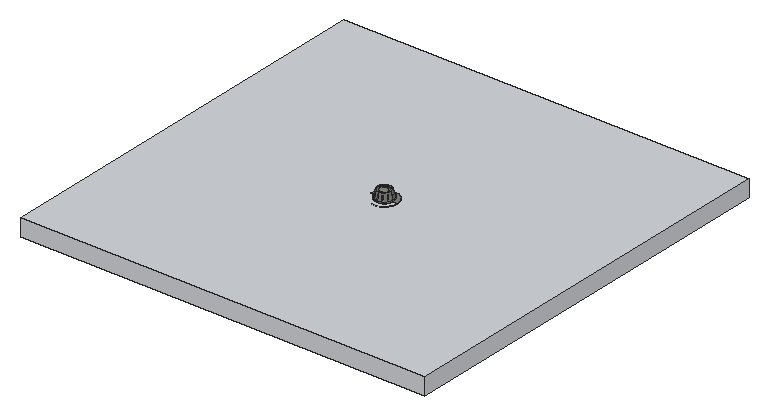
Revit family
Parameters (values of type "4"")
  URL = "WWW.MIFAB.COM"
  Strainer Adjustment = 0.37788"
  Squre = 9.000"
  Roof Drain = Roof Drain
  R1 = 4.000"
  Pipe Radius = 2.000"
  Pipe Diameter = Pipe Radius * 2  # 4.000"
  Model = "R-1400"
  Manufacturer = "MIFAB"
  H3 = Body Height / 3.375  # 0.96296"
  H2 = Body Height / 1.99  # 1.63317"
  H1 = Body Height / 1.53  # 2.12418"
  Description = "BALCONY DRAIN WITH BOTTOM OUTLET"
  Default Elevation = 48.000"
  Body Height = 3.250"
Types (4): name | Strainer Adjustment | Pipe Radius | Pipe Diameter
  (no name) | 0.37788" | 2.000" | 4.000"
  4" | 0.37788" | 2.000" | 4.000"
  3" | 1.000" | 1.500" | 3.000"
  2" | 0.37788" | 1.000" | 2.000"
Reference planes (in)
  plane 1 "Center (Front/Back)": y = 0
  plane 2: z = 0
  plane 3 "Center (Left/Right)": x = 0
  plane 4: x = 2.2
  plane 5: x = 2
  plane 6: z = -3.25
  plane 7: z = -2.12418
  plane 8: z = -1.63317
  plane 9: z = -0.575
  plane 10: z = 0.2085
  plane 11: z = -0.96296
  plane 12: x = 3.05538
  plane 13: x = 2.36174
  plane 14: z = 0.37788
  plane 15: z = 2
  plane 16: y = 4.5
  plane 17: y = -4.5
  plane 18: z = 0.07374
  plane 19: z = 2.5
  plane 20: x = 3.125
  plane 21: x = -3.125
  plane 22: z = -1.5
  plane 23: z = 1.78125
  plane 24: z = 0.4625
Forms (in)
  Extrusion 1, solid
    sketch origin (0, 0, 0) x (1, 0, 0) y (0, 1, 0)
      loop
        line (-48, 48) -> (-48, -48) -> (48, -48) -> (48, 48) -> (-48, 48)
    from 0 to -4
  Revolve 2, solid, material "Roof Drain" <- "Roof Drain"
    sketch origin (0, 0, 0) x (1, 0, 0) y (0, 0, 1)
      loop
        line (2.35625, -3.25) -> (2.35625, -0.575) -> (3.125, -0.575) -> (3.125, 0) -> (2.15625, 0) -> (2.15625, -2.66001) -> (2, -2.66001) -> (2, -3.25) -> (2.35625, -3.25)
      axis (0, 0) -> (0, -3.25)
    angle from 0 to 360
  Revolve 3, solid, material "Roof Drain" <- "Roof Drain"
    sketch origin (0, 0, 0) x (1, 0, 0) y (0, 0, 1)
      loop
        line (1.92862, 0.20885) -> (2.2, 0.20885) -> (2.2, 0.37788) -> (1.91377, 0.37788) -> (1.65587, 1.99285) -> (1.00376, 1.99285) -> (0.49976, 2.5) -> (0, 2.5) -> (0, 2.4) -> (0.45816, 2.4) -> (0.95505, 1.9) -> (1.54917, 1.9) -> (1.81794, 0.21704) -> (1.81794, -1.5) -> (1.92862, -1.5) -> (1.92862, 0.20885)
      axis (0, -1.5) -> (0, 2.5)
    angle from 0 to 360
  Extrusion 4, void
    sketch origin (0, 0.03234, 0) x (-1, 0, 0) y (0, 0, 1)
      loop
        arc (-0.05625, 1.78125) -> (-0.12696, 1.75196) -> (-0.15625, 1.68125) r 0.1
        line (-0.15625, 1.68125) -> (-0.15625, 0.4625) -> (0.15625, 0.4625) -> (0.15625, 1.68125)
        arc (0.15625, 1.68125) -> (0.12696, 1.75196) -> (0.05625, 1.78125) r 0.1
        line (0.05625, 1.78125) -> (-0.05625, 1.78125)
    from -2.8101 to 2.71766
  Extrusion 5, void
    sketch origin (-0.01617, 0.02801, 0) x (-0.866025, -0.5, 0) y (0, 0, 1)
      loop
        arc (-0.05625, 1.78125) -> (-0.12696, 1.75196) -> (-0.15625, 1.68125) r 0.1
        line (-0.15625, 1.68125) -> (-0.15625, 0.4625) -> (0.15625, 0.4625) -> (0.15625, 1.68125)
        arc (0.15625, 1.68125) -> (0.12696, 1.75196) -> (0.05625, 1.78125) r 0.1
        line (0.05625, 1.78125) -> (-0.05625, 1.78125)
    from -2.8101 to 2.71766
  Extrusion 6, void
    sketch origin (-0.02801, 0.01617, 0) x (-0.5, -0.866025, 0) y (0, 0, 1)
      loop
        arc (-0.05625, 1.78125) -> (-0.12696, 1.75196) -> (-0.15625, 1.68125) r 0.1
        line (-0.15625, 1.68125) -> (-0.15625, 0.4625) -> (0.15625, 0.4625) -> (0.15625, 1.68125)
        arc (0.15625, 1.68125) -> (0.12696, 1.75196) -> (0.05625, 1.78125) r 0.1
        line (0.05625, 1.78125) -> (-0.05625, 1.78125)
    from -2.8101 to 2.71766
  Extrusion 7, void
    sketch origin (-0.03234, 0, 0) x (0, -1, 0) y (0, 0, 1)
      loop
        arc (-0.05625, 1.78125) -> (-0.12696, 1.75196) -> (-0.15625, 1.68125) r 0.1
        line (-0.15625, 1.68125) -> (-0.15625, 0.4625) -> (0.15625, 0.4625) -> (0.15625, 1.68125)
        arc (0.15625, 1.68125) -> (0.12696, 1.75196) -> (0.05625, 1.78125) r 0.1
        line (0.05625, 1.78125) -> (-0.05625, 1.78125)
    from -2.8101 to 2.71766
  Extrusion 8, void
    sketch origin (-0.02801, -0.01617, 0) x (0.5, -0.866025, 0) y (0, 0, 1)
      loop
        arc (-0.05625, 1.78125) -> (-0.12696, 1.75196) -> (-0.15625, 1.68125) r 0.1
        line (-0.15625, 1.68125) -> (-0.15625, 0.4625) -> (0.15625, 0.4625) -> (0.15625, 1.68125)
        arc (0.15625, 1.68125) -> (0.12696, 1.75196) -> (0.05625, 1.78125) r 0.1
        line (0.05625, 1.78125) -> (-0.05625, 1.78125)
    from -2.8101 to 2.71766
  Extrusion 9, void
    sketch origin (-0.01617, -0.02801, 0) x (0.866025, -0.5, 0) y (0, 0, 1)
      loop
        arc (-0.05625, 1.78125) -> (-0.12696, 1.75196) -> (-0.15625, 1.68125) r 0.1
        line (-0.15625, 1.68125) -> (-0.15625, 0.4625) -> (0.15625, 0.4625) -> (0.15625, 1.68125)
        arc (0.15625, 1.68125) -> (0.12696, 1.75196) -> (0.05625, 1.78125) r 0.1
        line (0.05625, 1.78125) -> (-0.05625, 1.78125)
    from -2.8101 to 2.71766
Cuts and joins
  Extrusion 4, Extrusion 5, Extrusion 6, Extrusion 7, Extrusion 8, Extrusion 9 cuts Revolve 3
Dimensions and locks (in)
  "Pipe Radius": plane 5 to plane 3 "Center (Left/Right)"
  plane 4 to plane 5 = 0.200"
  "Body Height": level to plane 6
  "H3": level to plane 11
  "H2": Extrusion 1 to plane 8
  "H1": level to plane 7
  locked: Revolve 3 sketch curve to Revolve 3 sketch curve at 0.12
  locked: Revolve 3 sketch curve to Revolve 3 sketch curve at 0.1  (x2)
  locked: plane 15 to Revolve 3 sketch curve at 0.1
  equal spacing: plane 16, plane 1 "Center (Front/Back)", plane 17
  locked: plane 18 to plane 2 at 0.07374
  "Squre": plane 16 to plane 17
  Revolve 3 sketch curve to Revolve 3 sketch curve to Revolve 3 sketch curve to Revolve 3 sketch curve to plane 3 "Center (Left/Right)" = 0.10669" locked, 0.59412" locked, 0.49689" locked, 0.45816" locked
  locked: plane 14 to plane 10 at 0.16938
  Revolve 3 sketch curve to Revolve 3 sketch curve to Revolve 3 sketch curve to plane 3 "Center (Left/Right)" = 0.27138" locked, 0.11068" locked, 1.81794" locked
  Revolve 2 sketch curve to Revolve 2 sketch curve to plane 3 "Center (Left/Right)" = 0.200" locked, 2.15625" locked
  equal spacing: plane 20, plane 3 "Center (Left/Right)", plane 21
  plane 20 to plane 21 = 6.250"
  locked: level to plane 22 at 1.5
  "Strainer Adjustment": plane 14 to level
  plane 19 to plane 15 to plane 23 to plane 24 to plane 14 = 0.500" locked, 0.21875" locked, 1.31875" locked, 0.08462" locked
  locked: Revolve 2 sketch curve to plane 6 at 0.58999
  locked: level to plane 9 at 0.575
  aligned and locked: plane 2 to Extrusion 1
  aligned and locked: level to Extrusion 1
  aligned and locked: Revolve 2 sketch curve to plane 6
  aligned and locked: Revolve 2 sketch curve to plane 9
  aligned and locked: Revolve 2 sketch curve to plane 3 "Center (Left/Right)"
  aligned and locked: plane 5 to Revolve 2 sketch curve
  aligned and locked: plane 3 "Center (Left/Right)" to Revolve 3 sketch curve
  aligned and locked: Revolve 3 sketch curve to plane 3 "Center (Left/Right)"
  aligned and locked: Revolve 3 sketch curve to plane 19
  aligned and locked: level to Revolve 2 sketch curve
  aligned and locked: Revolve 3 sketch curve to plane 14
  aligned and locked: plane 20 to Revolve 2 sketch curve
  aligned and locked: plane 22 to Revolve 3 sketch curve
Automatic sketch dimensions
  Extrusion 1 sketch curve to Extrusion 1 sketch curve = 96.000"  (x2)
  Revolve 3 sketch curve to plane 15 = 0.00715"
  Revolve 3 sketch curve to Revolve 3 sketch curve = 1.000"
  Revolve 3 sketch curve to plane 10 = 0.00035"
  plane 6 to Revolve 2 sketch curve = 5.000"
  Revolve 2 sketch curve to Revolve 2 sketch curve = 11.000"
  plane 19 to Revolve 3 sketch curve = 6.750"
  Extrusion 4 sketch curve to Extrusion 4 sketch curve = 0.100"  (x2)
  Extrusion 4 sketch curve to Extrusion 4 sketch curve = 0.1125"
  Extrusion 4 sketch curve to Extrusion 4 sketch curve = 1.21875"
  Extrusion 4 sketch curve to plane 24 = 0.000"
  plane 3 "Center (Left/Right)" to Extrusion 4 sketch curve = 0.15625"
  Extrusion 5 sketch curve to Extrusion 5 sketch curve = 0.100"  (x2)
  Extrusion 5 sketch curve to Extrusion 5 sketch curve = 0.1125"
  Extrusion 5 sketch curve to Extrusion 5 sketch curve = 1.21875"
  Extrusion 5 sketch curve to plane 24 = 0.000"
  plane 24 to Extrusion 6 sketch curve = 0.000"
  plane 23 to Extrusion 6 sketch curve = 0.000"
  Extrusion 6 sketch curve to Extrusion 6 sketch curve = 0.100"
  Extrusion 6 sketch curve to Extrusion 6 sketch curve = 0.1125"
  Extrusion 6 sketch curve to plane 23 = 0.100"
  Extrusion 7 sketch curve to plane 24 = 0.000"
  Extrusion 7 sketch curve to plane 23 = 0.000"
  Extrusion 7 sketch curve to plane 1 "Center (Front/Back)" = 0.15625"
  Extrusion 7 sketch curve to plane 1 "Center (Front/Back)" = 0.05625"
  plane 1 "Center (Front/Back)" to Extrusion 7 sketch curve = 0.05625"
  Extrusion 7 sketch curve to plane 23 = 0.100"
  Extrusion 8 sketch curve to plane 24 = 0.000"
  Extrusion 8 sketch curve to plane 23 = 0.000"
  Extrusion 8 sketch curve to plane 23 = 0.100"
  Extrusion 8 sketch curve to Extrusion 8 sketch curve = 0.100"
  Extrusion 8 sketch curve to Extrusion 8 sketch curve = 0.1125"
  Extrusion 9 sketch curve to plane 24 = 0.000"
  Extrusion 9 sketch curve to plane 23 = 0.000"
  Extrusion 9 sketch curve to Extrusion 9 sketch curve = 0.100"
  Extrusion 9 sketch curve to Extrusion 9 sketch curve = 0.1125"
  Extrusion 9 sketch curve to plane 23 = 0.100"
Connectors (in)
  piping at (0, 0, -3.25), driven by "Pipe Radius"
    settings: on Revolve 2, index 1, connector radius 2", flow factor 0, pipe flow 0 GPM, pressure drop 0.00 psi, fitting loss kfactor 0, connector angle 0.00°, fixture units 0, flow configuration 0, flow direction 0, fitting loss method 0, system type 16, connector reference index -1, connector utility 0, adjustable connector no, is connector primary yes, fitting loss table "", connector description ""
